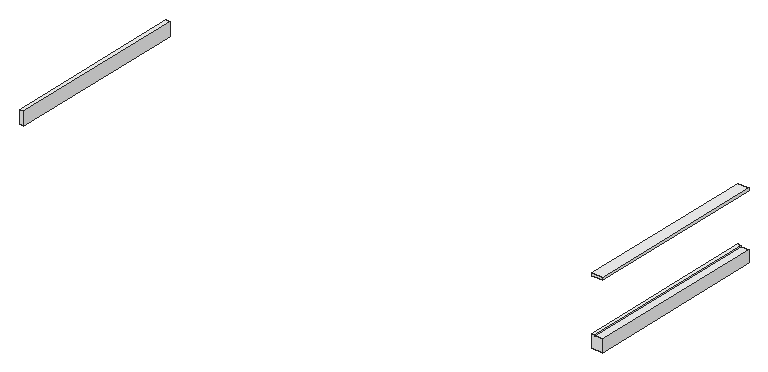
Revit family "CT_Bloco_C_Perfil", category Structural Framing, Revit 2025
Family settings
  Display in Hidden Views = Edges Hidden by Other Members
  Structural Framing Length Roundoff = 0.000 m
  Section Shape = Not Defined
  Material for Model Behavior = Concrete
  Always export as geometry = No
  Work Plane-Based = No
  Always vertical = Yes
  Cut with Voids When Loaded = Yes
  Symbolic Representation = From Family
  Shared = No
  Show family pre-cut in plan views = Yes
Parameters
  Structural Material [instance] = CT_Concreto
  Material_Viga_Janelas [instance] = CT_Concreto
  Comprimento [instance] = 7.500 m
Reference planes (m)
  plane 1 "Centro (Frente/Trás)": y = 0
  plane 2: z = 0
  plane 3 "Centro (Esquerda/Direita)": x = 0
Forms (m)
  Extrusion 1, solid, material "CT_Concreto" <- "Structural Material"
    sketch origin (0, 0, 0.06) x (1, 0, 0) y (0, 0, 1)
      loop
        line (9.6249, 4.15) -> (9.6249, 4.65) -> (9.3249, 4.65) -> (9.3249, 4.7) -> (9.1749, 4.7) -> (9.1749, 4.15) -> (9.6249, 4.15)
      loop
        line (-14.3501, 4.15) -> (-14.2001, 4.15) -> (-14.2001, 4.7) -> (-14.3501, 4.7) -> (-14.3501, 4.15)
    from 0 to 7.5
  Extrusion 2, solid, material "CT_Concreto" <- "Material_Viga_Janelas"
    sketch origin (0, 0, 0.06) x (1, 0, 0) y (0, 0, 1)
      loop
        line (9.6249, 6.92) -> (9.1749, 6.92) -> (9.1749, 6.82) -> (9.6249, 6.82) -> (9.6249, 6.92)
    from 0 to 7.5
Dimensions and locks (m)
  "Comprimento": Extrusion 1 to Extrusion 1
  aligned and locked: level to plane 2
Automatic sketch dimensions
  level to Extrusion 1 sketch curve = 4.210 m  (x2)
  Extrusion 1 sketch curve to plane 3 "Centro (Esquerda/Direita)" = 14.3501 m
  Extrusion 1 sketch curve to Extrusion 1 sketch curve = 0.150 m  (x2)
  plane 3 "Centro (Esquerda/Direita)" to Extrusion 1 sketch curve = 9.1749 m
  Extrusion 1 sketch curve to Extrusion 1 sketch curve = 0.450 m
  Extrusion 1 sketch curve to Extrusion 1 sketch curve = 0.500 m
  Extrusion 1 sketch curve to Extrusion 1 sketch curve = 0.550 m
  Extrusion 1 sketch curve to Extrusion 1 sketch curve = 0.050 m
  Extrusion 2 sketch curve to Extrusion 2 sketch curve = 0.450 m
  Extrusion 2 sketch curve to Extrusion 2 sketch curve = 0.100 m
  plane 3 "Centro (Esquerda/Direita)" to Extrusion 2 sketch curve = 9.1749 m
  level to Extrusion 2 sketch curve = 6.880 m
